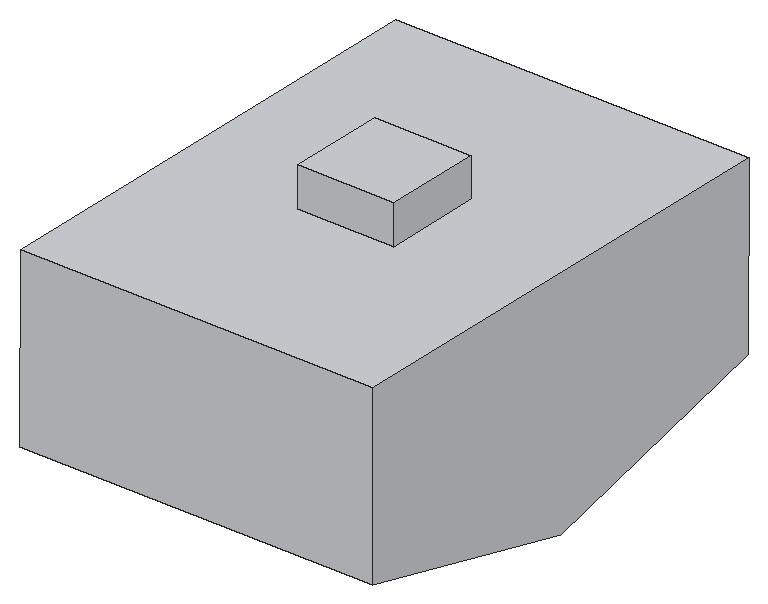
Revit family "M_Filtro de gordura - Somente exaustão - Estilo ilha - Extremidade cônica", category Terminais de ar, Revit 2019
Family settings
  Cota do conector redondo = Utilizar diâmetro
  Tipo de parte = Normal
  Número OmniClass = 23.40.40.14.21.11
  Título OmniClass = Food Service Hoods
  ID de item do Seek = Grease Hood - Exhaust Only - Island Style -Tapered End-0000-CAN-ENU
  Com base no plano de trabalho = Não
  Sempre na vertical = Sim
  Corte com vazios quando carregada = Não
  Compartilhado = Não
  Ponto de cálculo do ambiente = Não
Parameters (values of type "Padrão")
  Queda de pressão [instance] = 100.0 Pa
  Largura da coifa [instance] = 1219 mm
  Material da coifa = none
  Comprimento da coifa [instance] = 914 mm
  Fluxo do ar de exaustão [instance] = 0.254 m/s * Comprimento da coifa * Largura da coifa  # 282.998 L/s
  Largura do duto [instance] = 250 mm
  Altura do duto [instance] = 250 mm
Reference planes
  plane 1 "Centro (Frente/Trás)": y = 0
  plane 2: z = 0
  plane 3 "Centro (Esquerda/Direita)": x = 0
  plane 4: x = -457
  plane 5: x = 457
  plane 6: y = 609.5
  plane 7: y = -609.5
  plane 8: z = 609.6
  plane 9: z = 152.4
  plane 10: z = 711.2
  plane 11: y = 125
  plane 12: y = -125
  plane 13: x = -125
  plane 14: x = 125
Forms (mm)
  Extrusion 1, solid, material <- "Material da coifa"
    sketch origin (0, 0, 0) x (0, 1, 0) y (0, 0, 1)
      loop
        line (609.5, 152.4) -> (609.5, 609.6) -> (-609.5, 609.6) -> (-609.5, 152.4) -> (0, 0) -> (609.5, 152.4)
    from -457 to 457
  Extrusion 2, solid, material <- "Material da coifa"
    sketch origin (0, 0, 0) x (1, 0, 0) y (0, 1, 0)
      loop
        line (-125, 125) -> (-125, -125) -> (125, -125) -> (125, 125) -> (-125, 125)
    from 609.6 to 711.2
Dimensions and locks
  equal spacing: plane 4, plane 3 "Centro (Esquerda/Direita)", plane 5
  "Comprimento da coifa": plane 4 to plane 5
  equal spacing: plane 6, plane 1 "Centro (Frente/Trás)", plane 7
  "Largura da coifa": plane 6 to plane 7
  locked: plane 8 to plane 2 at 609.6
  locked: plane 9 to plane 2 at 152.4
  locked: plane 10 to plane 8 at 101.6
  equal spacing: plane 11, plane 1 "Centro (Frente/Trás)", plane 12
  "Altura do duto": plane 11 to plane 12
  equal spacing: plane 13, plane 3 "Centro (Esquerda/Direita)", plane 14
  "Largura do duto": plane 13 to plane 14
  aligned and locked: Extrusion 1 sketch curve to plane 6
  aligned and locked: Extrusion 1 sketch curve to plane 8
  aligned and locked: plane 7 to Extrusion 1 sketch curve
  aligned and locked: plane 2 to Extrusion 1 sketch curve
  aligned and locked: plane 9 to Extrusion 1 sketch curve  (x2)
  aligned and locked: Extrusion 1 to plane 4
  aligned and locked: Extrusion 1 to plane 5
  aligned and locked: plane 13 to Extrusion 2 sketch curve
  aligned and locked: Extrusion 2 sketch curve to plane 11
  aligned and locked: plane 12 to Extrusion 2 sketch curve
  aligned and locked: Extrusion 2 sketch curve to plane 14
  aligned and locked: plane 10 to Extrusion 2
  aligned and locked: Extrusion 2 to plane 8
Automatic sketch dimensions
  Extrusion 1 sketch curve to plane 1 "Centro (Frente/Trás)" = 0 mm
Connectors
  hvac at (0, 0, 711.2), driven by "Queda de pressão", driven by "Fluxo do ar de exaustão", driven by "Altura do duto", driven by "Largura do duto"
    settings: on Extrusion 2, index 1, duct flow 282.998 L/s, flow factor 0, pres drop 100.0 Pa, loss coef 0, conn angle 0.00°, conn width 250 mm, conn height 250 mm, conn diameter 609.6 mm, duct sys type 3, conn prof type 1, flow config 1, flow direction 2, loss method 4, conn ref index -1, conn util no, is conn primary yes, conn desc ""
